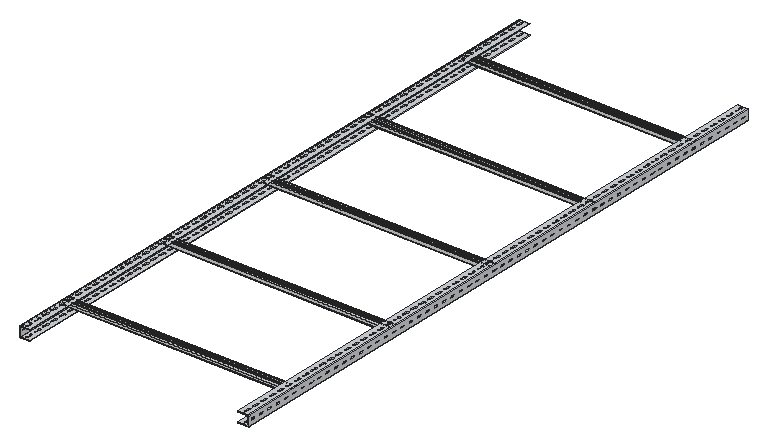
Revit family "steigeleiter_1100_FT", category Generic Models, Revit 2017 (continued)
Dimensions and locks
  locked: Extrusion 342 sketch curve to Extrusion 342 sketch curve at 11
  locked: Extrusion 343 sketch curve to Extrusion 343 sketch curve at 11
  locked: Extrusion 344 sketch curve to Extrusion 344 sketch curve at 11
  locked: Extrusion 345 sketch curve to Extrusion 345 sketch curve at 11
  locked: Extrusion 346 sketch curve to Extrusion 346 sketch curve at 11
  locked: Extrusion 347 sketch curve to Extrusion 347 sketch curve at 11
  locked: Extrusion 348 sketch curve to Extrusion 348 sketch curve at 11
  locked: Extrusion 349 sketch curve to Extrusion 349 sketch curve at 11
  locked: Extrusion 350 sketch curve to Extrusion 350 sketch curve at 11
  locked: Extrusion 351 sketch curve to Extrusion 351 sketch curve at 11
  locked: Extrusion 352 sketch curve to Extrusion 352 sketch curve at 11
  locked: Extrusion 353 sketch curve to Extrusion 353 sketch curve at 11
  locked: Extrusion 354 sketch curve to Extrusion 354 sketch curve at 11
  locked: Extrusion 355 sketch curve to Extrusion 355 sketch curve at 11
  locked: Extrusion 356 sketch curve to Extrusion 356 sketch curve at 11
  locked: Extrusion 357 sketch curve to Extrusion 357 sketch curve at 11
  locked: Extrusion 358 sketch curve to Extrusion 358 sketch curve at 11
  locked: Extrusion 359 sketch curve to Extrusion 359 sketch curve at 11
  locked: Extrusion 360 sketch curve to Extrusion 360 sketch curve at 11
  locked: Extrusion 361 sketch curve to Extrusion 361 sketch curve at 11
  group 357 to group 358 = 0 mm  (x2)
  group 358 to group 357 = 50 mm
  "Length 2": plane 1 "Center (Front/Back)" to plane 6
  locked: Extrusion 362 sketch curve to Extrusion 362 sketch curve at 2  (x5)
  locked: Extrusion 362 sketch curve to Extrusion 362 sketch curve at 15  (x2)
  locked: Extrusion 362 sketch curve to Extrusion 362 sketch curve at 40
  locked: Extrusion 362 sketch curve to Extrusion 362 sketch curve at 3.5  (x2)
  locked: Extrusion 363 sketch curve to Extrusion 363 sketch curve at 2  (x5)
  locked: Extrusion 363 sketch curve to Extrusion 363 sketch curve at 15  (x2)
  locked: Extrusion 363 sketch curve to Extrusion 363 sketch curve at 40
  locked: Extrusion 363 sketch curve to Extrusion 363 sketch curve at 3.5  (x2)
  equal spacing: group 359, group 360, group 361, group 362, group 363  (x3)
  locked: Extrusion 364 sketch curve to Extrusion 364 sketch curve at 2  (x5)
  locked: Extrusion 364 sketch curve to Extrusion 364 sketch curve at 15  (x2)
  locked: Extrusion 364 sketch curve to Extrusion 364 sketch curve at 40
  locked: Extrusion 364 sketch curve to Extrusion 364 sketch curve at 3.5  (x2)
  locked: Extrusion 365 sketch curve to Extrusion 365 sketch curve at 2  (x5)
  locked: Extrusion 365 sketch curve to Extrusion 365 sketch curve at 15  (x2)
  locked: Extrusion 365 sketch curve to Extrusion 365 sketch curve at 40
  locked: Extrusion 365 sketch curve to Extrusion 365 sketch curve at 3.5  (x2)
  locked: Extrusion 366 sketch curve to Extrusion 366 sketch curve at 2  (x5)
  locked: Extrusion 366 sketch curve to Extrusion 366 sketch curve at 15  (x2)
  locked: Extrusion 366 sketch curve to Extrusion 366 sketch curve at 40
  locked: Extrusion 366 sketch curve to Extrusion 366 sketch curve at 3.5  (x2)
  aligned and locked: level to plane 2
  aligned and locked: Extrusion 1 sketch curve to level
  aligned and locked: level to Extrusion 1 sketch curve
  aligned and locked: plane 5 to Extrusion 1
  aligned and locked: Extrusion 1 to level
  aligned and locked: Extrusion 1 to Extrusion 2  (x2)
  aligned and locked: Extrusion 1 to Extrusion 62  (x2)
  aligned and locked: Extrusion 122 to level
  aligned and locked: Extrusion 1 to Extrusion 122
  aligned and locked: cut or joined group 1 (Extrusion 1, Extrusion 2, Extrusion 3, Extrusion 4, Extrusion 5, Extrusion 6, Extrusion 7, Extrusion 8, Extrusion 9, Extrusion 10, Extrusion 11, Extrusion 12, Extrusion 13, Extrusion 14, Extrusion 15, Extrusion 16, Extrusion 17, Extrusion 18, Extrusion 19, Extrusion 20, Extrusion 21, Extrusion 22, Extrusion 23, Extrusion 24, Extrusion 25, Extrusion 26, Extrusion 27, Extrusion 28, Extrusion 29, Extrusion 30, Extrusion 31, Extrusion 32, Extrusion 33, Extrusion 34, Extrusion 35, Extrusion 36, Extrusion 37, Extrusion 38, Extrusion 39, Extrusion 40, Extrusion 41, Extrusion 42, Extrusion 43, Extrusion 44, Extrusion 45, Extrusion 46, Extrusion 47, Extrusion 48, Extrusion 49, Extrusion 50, Extrusion 51, Extrusion 52, Extrusion 53, Extrusion 54, Extrusion 55, Extrusion 56, Extrusion 57, Extrusion 58, Extrusion 59, Extrusion 60, Extrusion 61, Extrusion 62, Extrusion 63, Extrusion 64, Extrusion 65, Extrusion 66, Extrusion 67, Extrusion 68, Extrusion 69, Extrusion 70, Extrusion 71, Extrusion 72, Extrusion 73, Extrusion 74, Extrusion 75, Extrusion 76, Extrusion 77, Extrusion 78, Extrusion 79, Extrusion 80, Extrusion 81, Extrusion 82, Extrusion 83, Extrusion 84, Extrusion 85, Extrusion 86, Extrusion 87, Extrusion 88, Extrusion 89, Extrusion 90, Extrusion 91, Extrusion 92, Extrusion 93, Extrusion 94, Extrusion 95, Extrusion 96, Extrusion 97, Extrusion 98, Extrusion 99, Extrusion 100, Extrusion 101, Extrusion 102, Extrusion 103, Extrusion 104, Extrusion 105, Extrusion 106, Extrusion 107, Extrusion 108, Extrusion 109, Extrusion 110, Extrusion 111, Extrusion 112, Extrusion 113, Extrusion 114, Extrusion 115, Extrusion 116, Extrusion 117, Extrusion 118, Extrusion 119, Extrusion 120, Extrusion 121, Extrusion 122, Extrusion 123, Extrusion 124, Extrusion 125, Extrusion 126, Extrusion 127, Extrusion 128, Extrusion 129, Extrusion 130, Extrusion 131, Extrusion 132, Extrusion 133, Extrusion 134, Extrusion 135, Extrusion 136, Extrusion 137, Extrusion 138, Extrusion 139, Extrusion 140, Extrusion 141, Extrusion 142, Extrusion 143, Extrusion 144, Extrusion 145, Extrusion 146, Extrusion 147, Extrusion 148, Extrusion 149, Extrusion 150, Extrusion 151, Extrusion 152, Extrusion 153, Extrusion 154, Extrusion 155, Extrusion 156, Extrusion 157, Extrusion 158, Extrusion 159, Extrusion 160, Extrusion 161, Extrusion 162, Extrusion 163, Extrusion 164, Extrusion 165, Extrusion 166, Extrusion 167, Extrusion 168, Extrusion 169, Extrusion 170, Extrusion 171, Extrusion 172, Extrusion 173, Extrusion 174, Extrusion 175, Extrusion 176, Extrusion 177, Extrusion 178, Extrusion 179, Extrusion 180, Extrusion 181, Extrusion 182, Extrusion 183, Extrusion 184, Extrusion 185, Extrusion 186, Extrusion 187, Extrusion 188, Extrusion 189, Extrusion 190, Extrusion 191, Extrusion 192, Extrusion 193, Extrusion 194, Extrusion 195, Extrusion 196, Extrusion 197, Extrusion 198, Extrusion 199, Extrusion 200, Extrusion 201, Extrusion 202, Extrusion 203, Extrusion 204, Extrusion 205, Extrusion 206, Extrusion 207, Extrusion 208, Extrusion 209, Extrusion 210, Extrusion 211, Extrusion 212, Extrusion 213, Extrusion 214, Extrusion 215, Extrusion 216, Extrusion 217, Extrusion 218, Extrusion 219, Extrusion 220, Extrusion 221, Extrusion 222, Extrusion 223, Extrusion 224, Extrusion 225, Extrusion 226, Extrusion 227, Extrusion 228, Extrusion 229, Extrusion 230, Extrusion 231, Extrusion 232, Extrusion 233, Extrusion 234, Extrusion 235, Extrusion 236, Extrusion 237, Extrusion 238, Extrusion 239, Extrusion 240, Extrusion 241, Extrusion 242, Extrusion 243, Extrusion 244, Extrusion 245, Extrusion 246, Extrusion 247, Extrusion 248, Extrusion 249, Extrusion 250, Extrusion 251, Extrusion 252, Extrusion 253, Extrusion 254, Extrusion 255, Extrusion 256, Extrusion 257, Extrusion 258, Extrusion 259, Extrusion 260, Extrusion 261, Extrusion 262, Extrusion 263, Extrusion 264, Extrusion 265, Extrusion 266, Extrusion 267, Extrusion 268, Extrusion 269, Extrusion 270, Extrusion 271, Extrusion 272, Extrusion 273, Extrusion 274, Extrusion 275, Extrusion 276, Extrusion 277, Extrusion 278, Extrusion 279, Extrusion 280, Extrusion 281, Extrusion 282, Extrusion 283, Extrusion 284, Extrusion 285, Extrusion 286, Extrusion 287, Extrusion 288, Extrusion 289, Extrusion 290, Extrusion 291, Extrusion 292, Extrusion 293, Extrusion 294, Extrusion 295, Extrusion 296, Extrusion 297, Extrusion 298, Extrusion 299, Extrusion 300, Extrusion 301, Extrusion 302, Extrusion 303, Extrusion 304, Extrusion 305, Extrusion 306, Extrusion 307, Extrusion 308, Extrusion 309, Extrusion 310, Extrusion 311, Extrusion 312, Extrusion 313, Extrusion 314, Extrusion 315, Extrusion 316, Extrusion 317, Extrusion 318, Extrusion 319, Extrusion 320, Extrusion 321, Extrusion 322, Extrusion 323, Extrusion 324, Extrusion 325, Extrusion 326, Extrusion 327, Extrusion 328, Extrusion 329, Extrusion 330, Extrusion 331, Extrusion 332, Extrusion 333, Extrusion 334, Extrusion 335, Extrusion 336, Extrusion 337, Extrusion 338, Extrusion 339, Extrusion 340, Extrusion 341, Extrusion 342, Extrusion 343, Extrusion 344, Extrusion 345, Extrusion 346, Extrusion 347, Extrusion 348, Extrusion 349, Extrusion 350, Extrusion 351, Extrusion 352, Extrusion 353, Extrusion 354, Extrusion 355, Extrusion 356, Extrusion 357, Extrusion 358, Extrusion 359, Extrusion 360, Extrusion 361) to cut or joined group of Extrusion 1, Extrusion 2, Extrusion 3, Extrusion 4, Extrusion 5, Extrusion 6, Extrusion 7, Extrusion 8, Extrusion 9, Extrusion 10, Extrusion 11, Extrusion 12, Extrusion 13, Extrusion 14, Extrusion 15, Extrusion 16, Extrusion 17, Extrusion 18, Extrusion 19, Extrusion 20, Extrusion 21, Extrusion 22, Extrusion 23, Extrusion 24, Extrusion 25, Extrusion 26, Extrusion 27, Extrusion 28, Extrusion 29, Extrusion 30, Extrusion 31, Extrusion 32, Extrusion 33, Extrusion 34, Extrusion 35, Extrusion 36, Extrusion 37, Extrusion 38, Extrusion 39, Extrusion 40, Extrusion 41, Extrusion 42, Extrusion 43, Extrusion 44, Extrusion 45, Extrusion 46, Extrusion 47, Extrusion 48, Extrusion 49, Extrusion 50, Extrusion 51, Extrusion 52, Extrusion 53, Extrusion 54, Extrusion 55, Extrusion 56, Extrusion 57, Extrusion 58, Extrusion 59, Extrusion 60, Extrusion 61, Extrusion 62, Extrusion 63, Extrusion 64, Extrusion 65, Extrusion 66, Extrusion 67, Extrusion 68, Extrusion 69, Extrusion 70, Extrusion 71, Extrusion 72, Extrusion 73, Extrusion 74, Extrusion 75, Extrusion 76, Extrusion 77, Extrusion 78, Extrusion 79, Extrusion 80, Extrusion 81, Extrusion 82, Extrusion 83, Extrusion 84, Extrusion 85, Extrusion 86, Extrusion 87, Extrusion 88, Extrusion 89, Extrusion 90, Extrusion 91, Extrusion 92, Extrusion 93, Extrusion 94, Extrusion 95, Extrusion 96, Extrusion 97, Extrusion 98, Extrusion 99, Extrusion 100, Extrusion 101, Extrusion 102, Extrusion 103, Extrusion 104, Extrusion 105, Extrusion 106, Extrusion 107, Extrusion 108, Extrusion 109, Extrusion 110, Extrusion 111, Extrusion 112, Extrusion 113, Extrusion 114, Extrusion 115, Extrusion 116, Extrusion 117, Extrusion 118, Extrusion 119, Extrusion 120, Extrusion 121, Extrusion 122, Extrusion 123, Extrusion 124, Extrusion 125, Extrusion 126, Extrusion 127, Extrusion 128, Extrusion 129, Extrusion 130, Extrusion 131, Extrusion 132, Extrusion 133, Extrusion 134, Extrusion 135, Extrusion 136, Extrusion 137, Extrusion 138, Extrusion 139, Extrusion 140, Extrusion 141, Extrusion 142, Extrusion 143, Extrusion 144, Extrusion 145, Extrusion 146, Extrusion 147, Extrusion 148, Extrusion 149, Extrusion 150, Extrusion 151, Extrusion 152, Extrusion 153, Extrusion 154, Extrusion 155, Extrusion 156, Extrusion 157, Extrusion 158, Extrusion 159, Extrusion 160, Extrusion 161, Extrusion 162, Extrusion 163, Extrusion 164, Extrusion 165, Extrusion 166, Extrusion 167, Extrusion 168, Extrusion 169, Extrusion 170, Extrusion 171, Extrusion 172, Extrusion 173, Extrusion 174, Extrusion 175, Extrusion 176, Extrusion 177, Extrusion 178, Extrusion 179, Extrusion 180, Extrusion 181, Extrusion 182, E
    xtrusion 183, Extrusion 184, Extrusion 185, Extrusion 186, Extrusion 187, Extrusion 188, Extrusion 189, Extrusion 190, Extrusion 191, Extrusion 192, Extrusion 193, Extrusion 194, Extrusion 195, Extrusion 196, Extrusion 197, Extrusion 198, Extrusion 199, Extrusion 200, Extrusion 201, Extrusion 202, Extrusion 203, Extrusion 204, Extrusion 205, Extrusion 206, Extrusion 207, Extrusion 208, Extrusion 209, Extrusion 210, Extrusion 211, Extrusion 212, Extrusion 213, Extrusion 214, Extrusion 215, Extrusion 216, Extrusion 217, Extrusion 218, Extrusion 219, Extrusion 220, Extrusion 221, Extrusion 222, Extrusion 223, Extrusion 224, Extrusion 225, Extrusion 226, Extrusion 227, Extrusion 228, Extrusion 229, Extrusion 230, Extrusion 231, Extrusion 232, Extrusion 233, Extrusion 234, Extrusion 235, Extrusion 236, Extrusion 237, Extrusion 238, Extrusion 239, Extrusion 240, Extrusion 241, Extrusion 242, Extrusion 243, Extrusion 244, Extrusion 245, Extrusion 246, Extrusion 247, Extrusion 248, Extrusion 249, Extrusion 250, Extrusion 251, Extrusion 252, Extrusion 253, Extrusion 254, Extrusion 255, Extrusion 256, Extrusion 257, Extrusion 258, Extrusion 259, Extrusion 260, Extrusion 261, Extrusion 262, Extrusion 263, Extrusion 264, Extrusion 265, Extrusion 266, Extrusion 267, Extrusion 268, Extrusion 269, Extrusion 270, Extrusion 271, Extrusion 272, Extrusion 273, Extrusion 274, Extrusion 275, Extrusion 276, Extrusion 277, Extrusion 278, Extrusion 279, Extrusion 280, Extrusion 281, Extrusion 282, Extrusion 283, Extrusion 284, Extrusion 285, Extrusion 286, Extrusion 287, Extrusion 288, Extrusion 289, Extrusion 290, Extrusion 291, Extrusion 292, Extrusion 293, Extrusion 294, Extrusion 295, Extrusion 296, Extrusion 297, Extrusion 298, Extrusion 299, Extrusion 300, Extrusion 301, Extrusion 302, Extrusion 303, Extrusion 304, Extrusion 305, Extrusion 306, Extrusion 307, Extrusion 308, Extrusion 309, Extrusion 310, Extrusion 311, Extrusion 312, Extrusion 313, Extrusion 314, Extrusion 315, Extrusion 316, Extrusion 317, Extrusion 318, Extrusion 319, Extrusion 320, Extrusion 321, Extrusion 322, Extrusion 323, Extrusion 324, Extrusion 325, Extrusion 326, Extrusion 327, Extrusion 328, Extrusion 329, Extrusion 330, Extrusion 331, Extrusion 332, Extrusion 333, Extrusion 334, Extrusion 335, Extrusion 336, Extrusion 337, Extrusion 338, Extrusion 339, Extrusion 340, Extrusion 341, Extrusion 342, Extrusion 343, Extrusion 344, Extrusion 345, Extrusion 346, Extrusion 347, Extrusion 348, Extrusion 349, Extrusion 350, Extrusion 351, Extrusion 352, Extrusion 353, Extrusion 354, Extrusion 355, Extrusion 356, Extrusion 357, Extrusion 358, Extrusion 359, Extrusion 360, Extrusion 361  (x12)
  aligned and locked: Extrusion 182 to level
  aligned and locked: Extrusion 362 sketch curve to Extrusion 362 sketch curve
  aligned and locked: Extrusion 362 to cut or joined group 1
  aligned and locked: Extrusion 363 sketch curve to Extrusion 363 sketch curve
  aligned and locked: Extrusion 364 sketch curve to Extrusion 364 sketch curve
  aligned and locked: Extrusion 365 sketch curve to Extrusion 365 sketch curve
  aligned and locked: Extrusion 366 sketch curve to Extrusion 366 sketch curve
Automatic sketch dimensions
  Extrusion 1 sketch curve to Extrusion 1 sketch curve = 1.5 mm  (x3)
  Extrusion 1 sketch curve to Extrusion 1 sketch curve = 3.273 mm
  Extrusion 1 sketch curve to Extrusion 1 sketch curve = 1.011 mm
  Extrusion 1 sketch curve to Extrusion 1 sketch curve = 1.773 mm
  Extrusion 1 sketch curve to Extrusion 1 sketch curve = 0 mm  (x2)
  Extrusion 1 sketch curve to plane 3 "Center (Left/Right)" = 500 mm
  plane 3 "Center (Left/Right)" to Extrusion 1 sketch curve = 500 mm
  Extrusion 2 sketch curve to Extrusion 2 sketch curve = 19 mm
  Extrusion 3 sketch curve to Extrusion 3 sketch curve = 19 mm
  Extrusion 4 sketch curve to Extrusion 4 sketch curve = 19 mm
  Extrusion 5 sketch curve to Extrusion 5 sketch curve = 19 mm
  Extrusion 6 sketch curve to Extrusion 6 sketch curve = 19 mm
  Extrusion 7 sketch curve to Extrusion 7 sketch curve = 19 mm
  Extrusion 8 sketch curve to Extrusion 8 sketch curve = 19 mm
  Extrusion 9 sketch curve to Extrusion 9 sketch curve = 19 mm
  Extrusion 10 sketch curve to Extrusion 10 sketch curve = 19 mm
  Extrusion 11 sketch curve to Extrusion 11 sketch curve = 19 mm
  Extrusion 12 sketch curve to Extrusion 12 sketch curve = 19 mm
  Extrusion 13 sketch curve to Extrusion 13 sketch curve = 19 mm
  Extrusion 14 sketch curve to Extrusion 14 sketch curve = 19 mm
  Extrusion 15 sketch curve to Extrusion 15 sketch curve = 19 mm
  Extrusion 16 sketch curve to Extrusion 16 sketch curve = 19 mm
  Extrusion 17 sketch curve to Extrusion 17 sketch curve = 19 mm
  Extrusion 18 sketch curve to Extrusion 18 sketch curve = 19 mm
  Extrusion 19 sketch curve to Extrusion 19 sketch curve = 19 mm
  Extrusion 20 sketch curve to Extrusion 20 sketch curve = 19 mm
  Extrusion 21 sketch curve to Extrusion 21 sketch curve = 19 mm
  Extrusion 22 sketch curve to Extrusion 22 sketch curve = 19 mm
  Extrusion 23 sketch curve to Extrusion 23 sketch curve = 19 mm
  Extrusion 24 sketch curve to Extrusion 24 sketch curve = 19 mm
  Extrusion 25 sketch curve to Extrusion 25 sketch curve = 19 mm
  Extrusion 26 sketch curve to Extrusion 26 sketch curve = 19 mm
  Extrusion 27 sketch curve to Extrusion 27 sketch curve = 19 mm
  Extrusion 28 sketch curve to Extrusion 28 sketch curve = 19 mm
  Extrusion 29 sketch curve to Extrusion 29 sketch curve = 19 mm
  Extrusion 30 sketch curve to Extrusion 30 sketch curve = 19 mm
  Extrusion 31 sketch curve to Extrusion 31 sketch curve = 19 mm
  Extrusion 32 sketch curve to Extrusion 32 sketch curve = 19 mm
  Extrusion 33 sketch curve to Extrusion 33 sketch curve = 19 mm
  Extrusion 34 sketch curve to Extrusion 34 sketch curve = 19 mm
  Extrusion 35 sketch curve to Extrusion 35 sketch curve = 19 mm
  Extrusion 36 sketch curve to Extrusion 36 sketch curve = 19 mm
  Extrusion 37 sketch curve to Extrusion 37 sketch curve = 19 mm
  Extrusion 38 sketch curve to Extrusion 38 sketch curve = 19 mm
  Extrusion 39 sketch curve to Extrusion 39 sketch curve = 19 mm
  Extrusion 40 sketch curve to Extrusion 40 sketch curve = 19 mm
  Extrusion 41 sketch curve to Extrusion 41 sketch curve = 19 mm
  Extrusion 42 sketch curve to Extrusion 42 sketch curve = 19 mm
  Extrusion 43 sketch curve to Extrusion 43 sketch curve = 19 mm
  Extrusion 44 sketch curve to Extrusion 44 sketch curve = 19 mm
  Extrusion 45 sketch curve to Extrusion 45 sketch curve = 19 mm
  Extrusion 46 sketch curve to Extrusion 46 sketch curve = 19 mm
  Extrusion 47 sketch curve to Extrusion 47 sketch curve = 19 mm
  Extrusion 48 sketch curve to Extrusion 48 sketch curve = 19 mm
  Extrusion 49 sketch curve to Extrusion 49 sketch curve = 19 mm
  Extrusion 50 sketch curve to Extrusion 50 sketch curve = 19 mm
  Extrusion 51 sketch curve to Extrusion 51 sketch curve = 19 mm
  Extrusion 52 sketch curve to Extrusion 52 sketch curve = 19 mm
  Extrusion 53 sketch curve to Extrusion 53 sketch curve = 19 mm
  Extrusion 54 sketch curve to Extrusion 54 sketch curve = 19 mm
  Extrusion 55 sketch curve to Extrusion 55 sketch curve = 19 mm
  Extrusion 56 sketch curve to Extrusion 56 sketch curve = 19 mm
  Extrusion 57 sketch curve to Extrusion 57 sketch curve = 19 mm
  Extrusion 58 sketch curve to Extrusion 58 sketch curve = 19 mm
  Extrusion 59 sketch curve to Extrusion 59 sketch curve = 19 mm
  Extrusion 60 sketch curve to Extrusion 60 sketch curve = 19 mm
  Extrusion 61 sketch curve to Extrusion 61 sketch curve = 19 mm
  Extrusion 62 sketch curve to Extrusion 62 sketch curve = 19 mm
  Extrusion 63 sketch curve to Extrusion 63 sketch curve = 19 mm
  Extrusion 64 sketch curve to Extrusion 64 sketch curve = 19 mm
  Extrusion 65 sketch curve to Extrusion 65 sketch curve = 19 mm
  Extrusion 66 sketch curve to Extrusion 66 sketch curve = 19 mm
  Extrusion 67 sketch curve to Extrusion 67 sketch curve = 19 mm
  Extrusion 68 sketch curve to Extrusion 68 sketch curve = 19 mm
  Extrusion 69 sketch curve to Extrusion 69 sketch curve = 19 mm
  Extrusion 70 sketch curve to Extrusion 70 sketch curve = 19 mm
  Extrusion 71 sketch curve to Extrusion 71 sketch curve = 19 mm
  Extrusion 72 sketch curve to Extrusion 72 sketch curve = 19 mm
  Extrusion 73 sketch curve to Extrusion 73 sketch curve = 19 mm
  Extrusion 74 sketch curve to Extrusion 74 sketch curve = 19 mm
  Extrusion 75 sketch curve to Extrusion 75 sketch curve = 19 mm
  Extrusion 76 sketch curve to Extrusion 76 sketch curve = 19 mm
  Extrusion 77 sketch curve to Extrusion 77 sketch curve = 19 mm
  Extrusion 78 sketch curve to Extrusion 78 sketch curve = 19 mm
  Extrusion 79 sketch curve to Extrusion 79 sketch curve = 19 mm
  Extrusion 80 sketch curve to Extrusion 80 sketch curve = 19 mm
  Extrusion 81 sketch curve to Extrusion 81 sketch curve = 19 mm
  Extrusion 82 sketch curve to Extrusion 82 sketch curve = 19 mm
  Extrusion 83 sketch curve to Extrusion 83 sketch curve = 19 mm
  Extrusion 84 sketch curve to Extrusion 84 sketch curve = 19 mm
  Extrusion 85 sketch curve to Extrusion 85 sketch curve = 19 mm
  Extrusion 86 sketch curve to Extrusion 86 sketch curve = 19 mm
  Extrusion 87 sketch curve to Extrusion 87 sketch curve = 19 mm
  Extrusion 88 sketch curve to Extrusion 88 sketch curve = 19 mm
  Extrusion 89 sketch curve to Extrusion 89 sketch curve = 19 mm
  Extrusion 90 sketch curve to Extrusion 90 sketch curve = 19 mm
  Extrusion 91 sketch curve to Extrusion 91 sketch curve = 19 mm
  Extrusion 92 sketch curve to Extrusion 92 sketch curve = 19 mm
  Extrusion 93 sketch curve to Extrusion 93 sketch curve = 19 mm
  Extrusion 94 sketch curve to Extrusion 94 sketch curve = 19 mm
  Extrusion 95 sketch curve to Extrusion 95 sketch curve = 19 mm
  Extrusion 96 sketch curve to Extrusion 96 sketch curve = 19 mm
  Extrusion 97 sketch curve to Extrusion 97 sketch curve = 19 mm
  Extrusion 98 sketch curve to Extrusion 98 sketch curve = 19 mm
  Extrusion 99 sketch curve to Extrusion 99 sketch curve = 19 mm
  Extrusion 100 sketch curve to Extrusion 100 sketch curve = 19 mm
  Extrusion 101 sketch curve to Extrusion 101 sketch curve = 19 mm
  Extrusion 102 sketch curve to Extrusion 102 sketch curve = 19 mm
  Extrusion 103 sketch curve to Extrusion 103 sketch curve = 19 mm
  Extrusion 104 sketch curve to Extrusion 104 sketch curve = 19 mm
  Extrusion 105 sketch curve to Extrusion 105 sketch curve = 19 mm
  Extrusion 106 sketch curve to Extrusion 106 sketch curve = 19 mm
  Extrusion 107 sketch curve to Extrusion 107 sketch curve = 19 mm
  Extrusion 108 sketch curve to Extrusion 108 sketch curve = 19 mm
  Extrusion 109 sketch curve to Extrusion 109 sketch curve = 19 mm
  Extrusion 110 sketch curve to Extrusion 110 sketch curve = 19 mm
  Extrusion 111 sketch curve to Extrusion 111 sketch curve = 19 mm
  Extrusion 112 sketch curve to Extrusion 112 sketch curve = 19 mm
  Extrusion 113 sketch curve to Extrusion 113 sketch curve = 19 mm
  Extrusion 114 sketch curve to Extrusion 114 sketch curve = 19 mm
  Extrusion 115 sketch curve to Extrusion 115 sketch curve = 19 mm
  Extrusion 116 sketch curve to Extrusion 116 sketch curve = 19 mm
  Extrusion 117 sketch curve to Extrusion 117 sketch curve = 19 mm
  Extrusion 118 sketch curve to Extrusion 118 sketch curve = 19 mm
  Extrusion 119 sketch curve to Extrusion 119 sketch curve = 19 mm
  Extrusion 120 sketch curve to Extrusion 120 sketch curve = 19 mm
  Extrusion 121 sketch curve to Extrusion 121 sketch curve = 19 mm
  Extrusion 2 sketch curve to plane 1 "Center (Front/Back)" = 15.5 mm
  Extrusion 2 sketch curve to plane 3 "Center (Left/Right)" = 530.5 mm
  Extrusion 122 sketch curve to Extrusion 122 sketch curve = 19 mm
  Extrusion 123 sketch curve to Extrusion 123 sketch curve = 19 mm
  Extrusion 124 sketch curve to Extrusion 124 sketch curve = 19 mm
  Extrusion 125 sketch curve to Extrusion 125 sketch curve = 19 mm
  Extrusion 126 sketch curve to Extrusion 126 sketch curve = 19 mm
  Extrusion 127 sketch curve to Extrusion 127 sketch curve = 19 mm
  Extrusion 128 sketch curve to Extrusion 128 sketch curve = 19 mm
  Extrusion 129 sketch curve to Extrusion 129 sketch curve = 19 mm
  Extrusion 130 sketch curve to Extrusion 130 sketch curve = 19 mm
  Extrusion 131 sketch curve to Extrusion 131 sketch curve = 19 mm
  Extrusion 132 sketch curve to Extrusion 132 sketch curve = 19 mm
  Extrusion 133 sketch curve to Extrusion 133 sketch curve = 19 mm
  Extrusion 134 sketch curve to Extrusion 134 sketch curve = 19 mm
  Extrusion 135 sketch curve to Extrusion 135 sketch curve = 19 mm
  Extrusion 136 sketch curve to Extrusion 136 sketch curve = 19 mm
  Extrusion 137 sketch curve to Extrusion 137 sketch curve = 19 mm
  Extrusion 138 sketch curve to Extrusion 138 sketch curve = 19 mm
  Extrusion 139 sketch curve to Extrusion 139 sketch curve = 19 mm
  Extrusion 140 sketch curve to Extrusion 140 sketch curve = 19 mm
  Extrusion 141 sketch curve to Extrusion 141 sketch curve = 19 mm
  Extrusion 142 sketch curve to Extrusion 142 sketch curve = 19 mm
  Extrusion 143 sketch curve to Extrusion 143 sketch curve = 19 mm
  Extrusion 144 sketch curve to Extrusion 144 sketch curve = 19 mm
  Extrusion 145 sketch curve to Extrusion 145 sketch curve = 19 mm
  Extrusion 146 sketch curve to Extrusion 146 sketch curve = 19 mm
  Extrusion 147 sketch curve to Extrusion 147 sketch curve = 19 mm
  Extrusion 148 sketch curve to Extrusion 148 sketch curve = 19 mm
  Extrusion 149 sketch curve to Extrusion 149 sketch curve = 19 mm
  Extrusion 150 sketch curve to Extrusion 150 sketch curve = 19 mm
  Extrusion 151 sketch curve to Extrusion 151 sketch curve = 19 mm
  Extrusion 152 sketch curve to Extrusion 152 sketch curve = 19 mm
  Extrusion 153 sketch curve to Extrusion 153 sketch curve = 19 mm
  Extrusion 154 sketch curve to Extrusion 154 sketch curve = 19 mm
  Extrusion 155 sketch curve to Extrusion 155 sketch curve = 19 mm
  Extrusion 156 sketch curve to Extrusion 156 sketch curve = 19 mm
  Extrusion 157 sketch curve to Extrusion 157 sketch curve = 19 mm
  Extrusion 158 sketch curve to Extrusion 158 sketch curve = 19 mm
  Extrusion 159 sketch curve to Extrusion 159 sketch curve = 19 mm
  Extrusion 160 sketch curve to Extrusion 160 sketch curve = 19 mm
  Extrusion 161 sketch curve to Extrusion 161 sketch curve = 19 mm
  Extrusion 162 sketch curve to Extrusion 162 sketch curve = 19 mm
  Extrusion 163 sketch curve to Extrusion 163 sketch curve = 19 mm
  Extrusion 164 sketch curve to Extrusion 164 sketch curve = 19 mm
  Extrusion 165 sketch curve to Extrusion 165 sketch curve = 19 mm
  Extrusion 166 sketch curve to Extrusion 166 sketch curve = 19 mm
  Extrusion 167 sketch curve to Extrusion 167 sketch curve = 19 mm
  Extrusion 168 sketch curve to Extrusion 168 sketch curve = 19 mm
  Extrusion 169 sketch curve to Extrusion 169 sketch curve = 19 mm
  Extrusion 170 sketch curve to Extrusion 170 sketch curve = 19 mm
  Extrusion 171 sketch curve to Extrusion 171 sketch curve = 19 mm
  Extrusion 172 sketch curve to Extrusion 172 sketch curve = 19 mm
  Extrusion 173 sketch curve to Extrusion 173 sketch curve = 19 mm
  Extrusion 174 sketch curve to Extrusion 174 sketch curve = 19 mm
  Extrusion 175 sketch curve to Extrusion 175 sketch curve = 19 mm
  Extrusion 176 sketch curve to Extrusion 176 sketch curve = 19 mm
  Extrusion 177 sketch curve to Extrusion 177 sketch curve = 19 mm
  Extrusion 178 sketch curve to Extrusion 178 sketch curve = 19 mm
  Extrusion 179 sketch curve to Extrusion 179 sketch curve = 19 mm
  Extrusion 180 sketch curve to Extrusion 180 sketch curve = 19 mm
  Extrusion 181 sketch curve to Extrusion 181 sketch curve = 19 mm
  Extrusion 62 sketch curve to plane 1 "Center (Front/Back)" = 15.5 mm
  plane 3 "Center (Left/Right)" to Extrusion 62 sketch curve = 519.5 mm
  Extrusion 182 sketch curve to Extrusion 182 sketch curve = 19 mm
  Extrusion 183 sketch curve to Extrusion 183 sketch curve = 19 mm
  Extrusion 184 sketch curve to Extrusion 184 sketch curve = 19 mm
  Extrusion 185 sketch curve to Extrusion 185 sketch curve = 19 mm
  Extrusion 186 sketch curve to Extrusion 186 sketch curve = 19 mm
  Extrusion 187 sketch curve to Extrusion 187 sketch curve = 19 mm
  Extrusion 188 sketch curve to Extrusion 188 sketch curve = 19 mm
  Extrusion 189 sketch curve to Extrusion 189 sketch curve = 19 mm
  Extrusion 190 sketch curve to Extrusion 190 sketch curve = 19 mm
  Extrusion 191 sketch curve to Extrusion 191 sketch curve = 19 mm
  Extrusion 192 sketch curve to Extrusion 192 sketch curve = 19 mm
  Extrusion 193 sketch curve to Extrusion 193 sketch curve = 19 mm
  Extrusion 194 sketch curve to Extrusion 194 sketch curve = 19 mm
  Extrusion 195 sketch curve to Extrusion 195 sketch curve = 19 mm
  Extrusion 196 sketch curve to Extrusion 196 sketch curve = 19 mm
  Extrusion 197 sketch curve to Extrusion 197 sketch curve = 19 mm
  Extrusion 198 sketch curve to Extrusion 198 sketch curve = 19 mm
  Extrusion 199 sketch curve to Extrusion 199 sketch curve = 19 mm
  Extrusion 200 sketch curve to Extrusion 200 sketch curve = 19 mm
  Extrusion 201 sketch curve to Extrusion 201 sketch curve = 19 mm
  Extrusion 202 sketch curve to Extrusion 202 sketch curve = 19 mm
  Extrusion 203 sketch curve to Extrusion 203 sketch curve = 19 mm
  Extrusion 204 sketch curve to Extrusion 204 sketch curve = 19 mm
  Extrusion 205 sketch curve to Extrusion 205 sketch curve = 19 mm
  Extrusion 206 sketch curve to Extrusion 206 sketch curve = 19 mm
  Extrusion 207 sketch curve to Extrusion 207 sketch curve = 19 mm
  Extrusion 208 sketch curve to Extrusion 208 sketch curve = 19 mm
  Extrusion 209 sketch curve to Extrusion 209 sketch curve = 19 mm
  Extrusion 210 sketch curve to Extrusion 210 sketch curve = 19 mm
  Extrusion 211 sketch curve to Extrusion 211 sketch curve = 19 mm
  Extrusion 212 sketch curve to Extrusion 212 sketch curve = 19 mm
  Extrusion 213 sketch curve to Extrusion 213 sketch curve = 19 mm
  Extrusion 214 sketch curve to Extrusion 214 sketch curve = 19 mm
  Extrusion 215 sketch curve to Extrusion 215 sketch curve = 19 mm
  Extrusion 216 sketch curve to Extrusion 216 sketch curve = 19 mm
  Extrusion 217 sketch curve to Extrusion 217 sketch curve = 19 mm
  Extrusion 218 sketch curve to Extrusion 218 sketch curve = 19 mm
  Extrusion 219 sketch curve to Extrusion 219 sketch curve = 19 mm
  Extrusion 220 sketch curve to Extrusion 220 sketch curve = 19 mm
  Extrusion 221 sketch curve to Extrusion 221 sketch curve = 19 mm
  Extrusion 222 sketch curve to Extrusion 222 sketch curve = 19 mm
  Extrusion 223 sketch curve to Extrusion 223 sketch curve = 19 mm
  Extrusion 224 sketch curve to Extrusion 224 sketch curve = 19 mm
  Extrusion 225 sketch curve to Extrusion 225 sketch curve = 19 mm
  Extrusion 226 sketch curve to Extrusion 226 sketch curve = 19 mm
  Extrusion 227 sketch curve to Extrusion 227 sketch curve = 19 mm
  Extrusion 228 sketch curve to Extrusion 228 sketch curve = 19 mm
  Extrusion 229 sketch curve to Extrusion 229 sketch curve = 19 mm
  Extrusion 230 sketch curve to Extrusion 230 sketch curve = 19 mm
  Extrusion 231 sketch curve to Extrusion 231 sketch curve = 19 mm
  Extrusion 232 sketch curve to Extrusion 232 sketch curve = 19 mm
  Extrusion 233 sketch curve to Extrusion 233 sketch curve = 19 mm
  Extrusion 234 sketch curve to Extrusion 234 sketch curve = 19 mm
  Extrusion 235 sketch curve to Extrusion 235 sketch curve = 19 mm
  Extrusion 236 sketch curve to Extrusion 236 sketch curve = 19 mm
  Extrusion 237 sketch curve to Extrusion 237 sketch curve = 19 mm
  Extrusion 238 sketch curve to Extrusion 238 sketch curve = 19 mm
  Extrusion 239 sketch curve to Extrusion 239 sketch curve = 19 mm
  Extrusion 240 sketch curve to Extrusion 240 sketch curve = 19 mm
  Extrusion 241 sketch curve to Extrusion 241 sketch curve = 19 mm
  Extrusion 242 sketch curve to Extrusion 242 sketch curve = 19 mm
  Extrusion 243 sketch curve to Extrusion 243 sketch curve = 19 mm
  Extrusion 244 sketch curve to Extrusion 244 sketch curve = 19 mm
  Extrusion 245 sketch curve to Extrusion 245 sketch curve = 19 mm
  Extrusion 246 sketch curve to Extrusion 246 sketch curve = 19 mm
  Extrusion 247 sketch curve to Extrusion 247 sketch curve = 19 mm
  Extrusion 248 sketch curve to Extrusion 248 sketch curve = 19 mm
  Extrusion 249 sketch curve to Extrusion 249 sketch curve = 19 mm
  Extrusion 250 sketch curve to Extrusion 250 sketch curve = 19 mm
  Extrusion 251 sketch curve to Extrusion 251 sketch curve = 19 mm
  Extrusion 252 sketch curve to Extrusion 252 sketch curve = 19 mm
  Extrusion 253 sketch curve to Extrusion 253 sketch curve = 19 mm
  Extrusion 254 sketch curve to Extrusion 254 sketch curve = 19 mm
  Extrusion 255 sketch curve to Extrusion 255 sketch curve = 19 mm
  Extrusion 256 sketch curve to Extrusion 256 sketch curve = 19 mm
  Extrusion 257 sketch curve to Extrusion 257 sketch curve = 19 mm
  Extrusion 258 sketch curve to Extrusion 258 sketch curve = 19 mm
  Extrusion 259 sketch curve to Extrusion 259 sketch curve = 19 mm
  Extrusion 260 sketch curve to Extrusion 260 sketch curve = 19 mm
  Extrusion 261 sketch curve to Extrusion 261 sketch curve = 19 mm
  Extrusion 262 sketch curve to Extrusion 262 sketch curve = 19 mm
  Extrusion 263 sketch curve to Extrusion 263 sketch curve = 19 mm
  Extrusion 264 sketch curve to Extrusion 264 sketch curve = 19 mm
  Extrusion 265 sketch curve to Extrusion 265 sketch curve = 19 mm
  Extrusion 266 sketch curve to Extrusion 266 sketch curve = 19 mm
  Extrusion 267 sketch curve to Extrusion 267 sketch curve = 19 mm
  Extrusion 268 sketch curve to Extrusion 268 sketch curve = 19 mm
  Extrusion 269 sketch curve to Extrusion 269 sketch curve = 19 mm
  Extrusion 270 sketch curve to Extrusion 270 sketch curve = 19 mm
  Extrusion 271 sketch curve to Extrusion 271 sketch curve = 19 mm
  Extrusion 272 sketch curve to Extrusion 272 sketch curve = 19 mm
  Extrusion 273 sketch curve to Extrusion 273 sketch curve = 19 mm
  Extrusion 274 sketch curve to Extrusion 274 sketch curve = 19 mm
  Extrusion 275 sketch curve to Extrusion 275 sketch curve = 19 mm
  Extrusion 276 sketch curve to Extrusion 276 sketch curve = 19 mm
  Extrusion 277 sketch curve to Extrusion 277 sketch curve = 19 mm
  Extrusion 278 sketch curve to Extrusion 278 sketch curve = 19 mm
  Extrusion 279 sketch curve to Extrusion 279 sketch curve = 19 mm
  Extrusion 280 sketch curve to Extrusion 280 sketch curve = 19 mm
  Extrusion 281 sketch curve to Extrusion 281 sketch curve = 19 mm
  Extrusion 282 sketch curve to Extrusion 282 sketch curve = 19 mm
  Extrusion 283 sketch curve to Extrusion 283 sketch curve = 19 mm
  Extrusion 284 sketch curve to Extrusion 284 sketch curve = 19 mm
  Extrusion 285 sketch curve to Extrusion 285 sketch curve = 19 mm
  Extrusion 286 sketch curve to Extrusion 286 sketch curve = 19 mm
  Extrusion 287 sketch curve to Extrusion 287 sketch curve = 19 mm
  Extrusion 288 sketch curve to Extrusion 288 sketch curve = 19 mm
  Extrusion 289 sketch curve to Extrusion 289 sketch curve = 19 mm
  Extrusion 290 sketch curve to Extrusion 290 sketch curve = 19 mm
  Extrusion 291 sketch curve to Extrusion 291 sketch curve = 19 mm
  Extrusion 292 sketch curve to Extrusion 292 sketch curve = 19 mm
  Extrusion 293 sketch curve to Extrusion 293 sketch curve = 19 mm
  Extrusion 294 sketch curve to Extrusion 294 sketch curve = 19 mm
  Extrusion 295 sketch curve to Extrusion 295 sketch curve = 19 mm
  Extrusion 296 sketch curve to Extrusion 296 sketch curve = 19 mm
  Extrusion 297 sketch curve to Extrusion 297 sketch curve = 19 mm
  Extrusion 298 sketch curve to Extrusion 298 sketch curve = 19 mm
  Extrusion 299 sketch curve to Extrusion 299 sketch curve = 19 mm
  Extrusion 300 sketch curve to Extrusion 300 sketch curve = 19 mm
  Extrusion 301 sketch curve to Extrusion 301 sketch curve = 19 mm
  Extrusion 302 sketch curve to Extrusion 302 sketch curve = 19 mm
  Extrusion 303 sketch curve to Extrusion 303 sketch curve = 19 mm
  Extrusion 304 sketch curve to Extrusion 304 sketch curve = 19 mm
  Extrusion 305 sketch curve to Extrusion 305 sketch curve = 19 mm
  Extrusion 306 sketch curve to Extrusion 306 sketch curve = 19 mm
  Extrusion 307 sketch curve to Extrusion 307 sketch curve = 19 mm
  Extrusion 308 sketch curve to Extrusion 308 sketch curve = 19 mm
  Extrusion 309 sketch curve to Extrusion 309 sketch curve = 19 mm
  Extrusion 310 sketch curve to Extrusion 310 sketch curve = 19 mm
  Extrusion 311 sketch curve to Extrusion 311 sketch curve = 19 mm
  Extrusion 312 sketch curve to Extrusion 312 sketch curve = 19 mm
  Extrusion 313 sketch curve to Extrusion 313 sketch curve = 19 mm
  Extrusion 314 sketch curve to Extrusion 314 sketch curve = 19 mm
  Extrusion 315 sketch curve to Extrusion 315 sketch curve = 19 mm
  Extrusion 316 sketch curve to Extrusion 316 sketch curve = 19 mm
  Extrusion 317 sketch curve to Extrusion 317 sketch curve = 19 mm
  Extrusion 318 sketch curve to Extrusion 318 sketch curve = 19 mm
  Extrusion 319 sketch curve to Extrusion 319 sketch curve = 19 mm
  Extrusion 320 sketch curve to Extrusion 320 sketch curve = 19 mm
  Extrusion 321 sketch curve to Extrusion 321 sketch curve = 19 mm
  Extrusion 322 sketch curve to Extrusion 322 sketch curve = 19 mm
  Extrusion 323 sketch curve to Extrusion 323 sketch curve = 19 mm
  Extrusion 324 sketch curve to Extrusion 324 sketch curve = 19 mm
  Extrusion 325 sketch curve to Extrusion 325 sketch curve = 19 mm
  Extrusion 326 sketch curve to Extrusion 326 sketch curve = 19 mm
  Extrusion 327 sketch curve to Extrusion 327 sketch curve = 19 mm
  Extrusion 328 sketch curve to Extrusion 328 sketch curve = 19 mm
  Extrusion 329 sketch curve to Extrusion 329 sketch curve = 19 mm
  Extrusion 330 sketch curve to Extrusion 330 sketch curve = 19 mm
  Extrusion 331 sketch curve to Extrusion 331 sketch curve = 19 mm
  Extrusion 332 sketch curve to Extrusion 332 sketch curve = 19 mm
  Extrusion 333 sketch curve to Extrusion 333 sketch curve = 19 mm
  Extrusion 334 sketch curve to Extrusion 334 sketch curve = 19 mm
  Extrusion 335 sketch curve to Extrusion 335 sketch curve = 19 mm
  Extrusion 336 sketch curve to Extrusion 336 sketch curve = 19 mm
  Extrusion 337 sketch curve to Extrusion 337 sketch curve = 19 mm
  Extrusion 338 sketch curve to Extrusion 338 sketch curve = 19 mm
  Extrusion 339 sketch curve to Extrusion 339 sketch curve = 19 mm
  Extrusion 340 sketch curve to Extrusion 340 sketch curve = 19 mm
  Extrusion 341 sketch curve to Extrusion 341 sketch curve = 19 mm
  Extrusion 342 sketch curve to Extrusion 342 sketch curve = 19 mm
  Extrusion 343 sketch curve to Extrusion 343 sketch curve = 19 mm
  Extrusion 344 sketch curve to Extrusion 344 sketch curve = 19 mm
  Extrusion 345 sketch curve to Extrusion 345 sketch curve = 19 mm
  Extrusion 346 sketch curve to Extrusion 346 sketch curve = 19 mm
  Extrusion 347 sketch curve to Extrusion 347 sketch curve = 19 mm
  Extrusion 348 sketch curve to Extrusion 348 sketch curve = 19 mm
  Extrusion 349 sketch curve to Extrusion 349 sketch curve = 19 mm
  Extrusion 350 sketch curve to Extrusion 350 sketch curve = 19 mm
  Extrusion 351 sketch curve to Extrusion 351 sketch curve = 19 mm
  Extrusion 352 sketch curve to Extrusion 352 sketch curve = 19 mm
  Extrusion 353 sketch curve to Extrusion 353 sketch curve = 19 mm
  Extrusion 354 sketch curve to Extrusion 354 sketch curve = 19 mm
  Extrusion 355 sketch curve to Extrusion 355 sketch curve = 19 mm
  Extrusion 356 sketch curve to Extrusion 356 sketch curve = 19 mm
  Extrusion 357 sketch curve to Extrusion 357 sketch curve = 19 mm
  Extrusion 358 sketch curve to Extrusion 358 sketch curve = 19 mm
  Extrusion 359 sketch curve to Extrusion 359 sketch curve = 19 mm
  Extrusion 360 sketch curve to Extrusion 360 sketch curve = 19 mm
  Extrusion 361 sketch curve to Extrusion 361 sketch curve = 19 mm
  Extrusion 362 sketch curve to Extrusion 362 sketch curve = 0 mm  (x19)
  Extrusion 362 sketch curve to Extrusion 362 sketch curve = 2 mm  (x3)
  Extrusion 362 sketch curve to Extrusion 362 sketch curve = 4 mm
  Extrusion 362 sketch curve to Extrusion 362 sketch curve = 1 mm  (x2)
  Extrusion 362 sketch curve to Extrusion 362 sketch curve = 1.5 mm
  Extrusion 362 sketch curve to Extrusion 362 sketch curve = 7 mm
  Extrusion 363 sketch curve to Extrusion 363 sketch curve = 0 mm  (x19)
  Extrusion 363 sketch curve to Extrusion 363 sketch curve = 2 mm  (x3)
  Extrusion 363 sketch curve to Extrusion 363 sketch curve = 4 mm
  Extrusion 363 sketch curve to Extrusion 363 sketch curve = 1 mm  (x2)
  Extrusion 363 sketch curve to Extrusion 363 sketch curve = 1.5 mm
  Extrusion 363 sketch curve to Extrusion 363 sketch curve = 7 mm
  Extrusion 364 sketch curve to Extrusion 364 sketch curve = 0 mm  (x19)
  Extrusion 364 sketch curve to Extrusion 364 sketch curve = 2 mm  (x3)
  Extrusion 364 sketch curve to Extrusion 364 sketch curve = 4 mm
  Extrusion 364 sketch curve to Extrusion 364 sketch curve = 1 mm  (x2)
  Extrusion 364 sketch curve to Extrusion 364 sketch curve = 1.5 mm
  Extrusion 364 sketch curve to Extrusion 364 sketch curve = 7 mm
  Extrusion 365 sketch curve to Extrusion 365 sketch curve = 0 mm  (x19)
  Extrusion 365 sketch curve to Extrusion 365 sketch curve = 2 mm  (x3)
  Extrusion 365 sketch curve to Extrusion 365 sketch curve = 4 mm
  Extrusion 365 sketch curve to Extrusion 365 sketch curve = 1 mm  (x2)
  Extrusion 365 sketch curve to Extrusion 365 sketch curve = 1.5 mm
  Extrusion 365 sketch curve to Extrusion 365 sketch curve = 7 mm
  Extrusion 366 sketch curve to Extrusion 366 sketch curve = 0 mm  (x19)
  Extrusion 366 sketch curve to Extrusion 366 sketch curve = 2 mm  (x3)
  Extrusion 366 sketch curve to Extrusion 366 sketch curve = 4 mm
  Extrusion 366 sketch curve to Extrusion 366 sketch curve = 1 mm  (x2)
  Extrusion 366 sketch curve to Extrusion 366 sketch curve = 1.5 mm
  Extrusion 366 sketch curve to Extrusion 366 sketch curve = 7 mm
